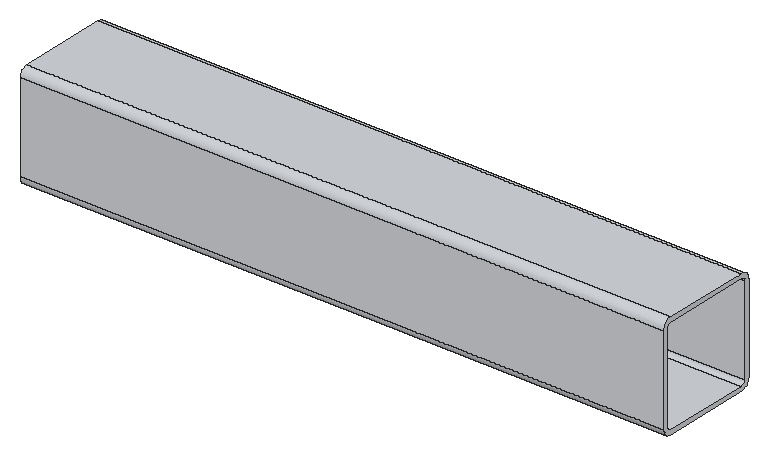
Revit family "StructuralFraming_BoxProfile", category Structural Framing, Revit 2018
Family settings
  Structural Framing Length Roundoff = 1 mm
  Section Shape = Rectangular HSS
  Material for Model Behavior = Steel
  Always export as geometry = No
  Always vertical = Yes
  Cut with Voids When Loaded = No
  Symbolic Representation = From Project Settings
  Shared = No
  Show family pre-cut in plan views = Yes
Parameters (values of type "BoxProfile")
  Width = 200 mm
  Warping Constant = (empty or 0)
  Wall Nominal Thickness = 8 mm
  Wall Design Thickness = 0 mm
  Torsional Moment of Inertia = 0 cm⁴
  Torsional Modulus = 0 cm³
  Structural Material [instance] = none
  Shear Area weak axis = 0.0 cm²
  Shear Area strong axis = 0.0 cm²
  Section Area = 0.0 cm²
  Principal Axes Angle = 0.00°
  Plastic Modulus weak axis = 0 cm³
  Plastic Modulus strong axis = 0 cm³
  Perimeter = (empty or 0)
  Outer Fillet = 16 mm
  Nominal Weight = 0 N/m
  Moment of Inertia weak axis = 0 cm⁴
  Moment of Inertia strong axis = 0 cm⁴
  Inner Fillet = 8 mm
  Height = 200 mm
  Elastic Modulus weak axis = 0 cm³
  Elastic Modulus strong axis = 0 cm³
  Centroid Vertical = 0 mm
  Centroid Horizontal = 0 mm
  Assembly Code = ""
  Length [instance] = 1500 mm
Reference planes
  plane 1 "Center (Front/Back)": y = 0
  plane 2: z = 0
  plane 3 "Center (Left/Right)": x = 4.61
  plane 4 "Member Left": x = -604.99
  plane 5 "Member Right": x = 614.21
  plane 6: y = 100
  plane 7: y = -100
  plane 8 "Top": z = 100
  plane 9: z = -100
  plane 10 "Left": x = -757.39
  plane 11 "Right": x = 742.61
Forms (mm)
  Sweep 1, solid, material <- "Structural Material", detail levels fine
    path origin (0, 0, 0) x (1, 0, 0) y (0, 1, 0)
      loop
        line (614.21, 0) -> (-604.99, 0)
    profile "BoxProfile_Fine : BoxProfile_Fine" origin (4.61, 0, 0) x (0, -1, 0) y (0, 0, 1)
      loop
        arc (-84, 92) -> (-89.657, 89.657) -> (-92, 84) r 8
        line (-92, 84) -> (-92, -84)
        arc (-92, -84) -> (-89.657, -89.657) -> (-84, -92) r 8
        line (-84, -92) -> (84, -92)
        arc (84, -92) -> (89.657, -89.657) -> (92, -84) r 8
        line (92, -84) -> (92, 84)
        arc (92, 84) -> (89.657, 89.657) -> (84, 92) r 8
        line (84, 92) -> (-84, 92)
      loop
        arc (-100, -84) -> (-95.314, -95.314) -> (-84, -100) r 16
        line (-84, -100) -> (84, -100)
        arc (84, -100) -> (95.314, -95.314) -> (100, -84) r 16
        line (100, -84) -> (100, 84)
        arc (100, 84) -> (95.314, 95.314) -> (84, 100) r 16
        line (84, 100) -> (-84, 100)
        arc (-84, 100) -> (-95.314, 95.314) -> (-100, 84) r 16
        line (-100, 84) -> (-100, -84)
  Sweep 2, solid, material <- "Structural Material", detail levels medium
    path origin (0, 0, 0) x (1, 0, 0) y (0, 1, 0)
      loop
        line (614.21, 0) -> (-604.99, 0)
    profile "BoxProfile_Medium : BoxProfile_Medium" origin (4.61, 0, 0) x (0, -1, 0) y (0, 0, 1)
      loop
        line (-92, 92) -> (-92, -92) -> (92, -92) -> (92, 92) -> (-92, 92)
      loop
        line (-100, -100) -> (100, -100) -> (100, 100) -> (-100, 100) -> (-100, -100)
Lines and regions (mm)
  symbolic lines, style "Hidden Faces", detail levels medium+fine
    curve 1: line (614.21, -92, 0) -> (-604.99, -92, 0)
    curve 2: line (614.21, 92, 0) -> (-604.99, 92, 0)
    curve 3: line (-604.99, 0, 92) -> (614.21, 0, 92)
    curve 4: line (-604.99, 0, -92) -> (614.21, 0, -92)
  symbolic lines, style "Stick Symbols", detail levels coarse
    curve 5: line (4.61, -100, 100) -> (4.61, -100, -100)
    curve 6: line (4.61, -100, -100) -> (4.61, 100, -100)
    curve 7: line (4.61, 100, -100) -> (4.61, 100, 100)
    curve 8: line (4.61, 100, 100) -> (4.61, -100, 100)
Dimensions and locks
  "Width": plane 6 to plane 7
  "Height": plane 9 to plane 8 "Top"
  equal spacing: plane 9, plane 2, plane 8 "Top"
  equal spacing: plane 6, plane 1 "Center (Front/Back)", plane 7
  locked: plane 6 to curve 2 at 8
  locked: curve 1 to plane 7 at 8
  locked: plane 8 "Top" to curve 3 at 8
  locked: curve 4 to plane 9 at 8
  "Length": plane 10 "Left" to plane 11 "Right"
  aligned and locked: Sweep 1 sketch curve to plane 1 "Center (Front/Back)"
  aligned and locked: Sweep 2 sketch curve to plane 1 "Center (Front/Back)"
  aligned and locked: curve 5 to Sweep 2
  aligned and locked: curve 6 to Sweep 2
  aligned and locked: curve 7 to Sweep 2
  aligned and locked: curve 8 to Sweep 2
  aligned and locked: plane 4 "Member Left" to Sweep 1 sketch curve
  aligned and locked: plane 5 "Member Right" to Sweep 1 sketch curve
  aligned and locked: plane 4 "Member Left" to Sweep 2 sketch curve
  aligned and locked: plane 5 "Member Right" to Sweep 2 sketch curve
  aligned and locked: plane 4 "Member Left" to curve 1
  aligned and locked: plane 5 "Member Right" to curve 1
  aligned and locked: plane 4 "Member Left" to curve 2
  aligned and locked: plane 5 "Member Right" to curve 2
  aligned and locked: plane 4 "Member Left" to curve 3
  aligned and locked: plane 5 "Member Right" to curve 3
  aligned and locked: plane 4 "Member Left" to curve 4
  aligned and locked: plane 5 "Member Right" to curve 4
